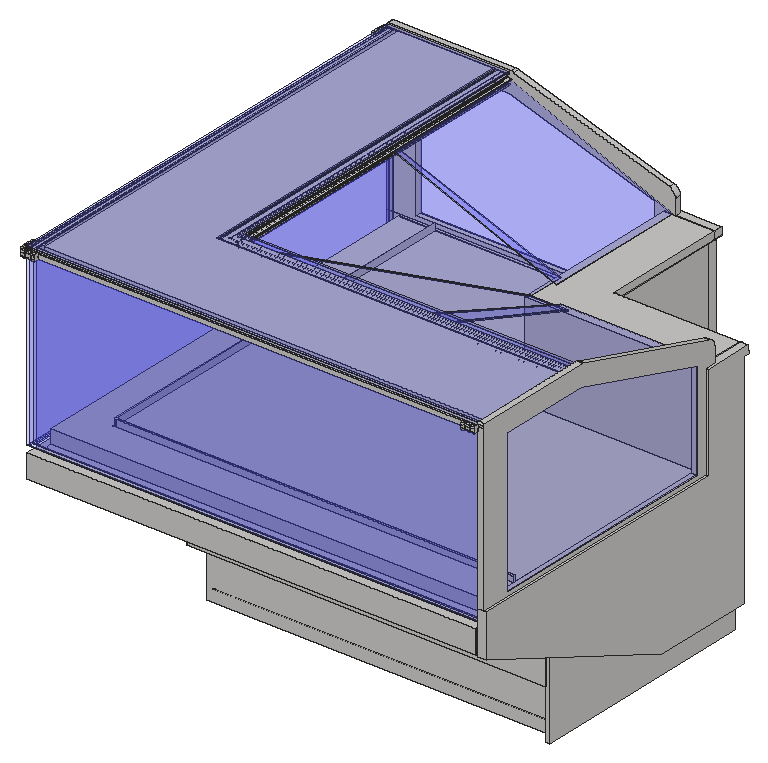
Revit family "QF_OSCARTEK_LA_CROSSE_DPA90_cat", category Specialty Equipment, Revit 2026 (continued)
Automatic sketch dimensions
  Revolve 10 sketch curve to Revolve 10 sketch curve = 0.33473"
  Revolve 10 sketch curve to Revolve 10 sketch curve = 0.09845"
  Revolve 10 sketch curve to Revolve 10 sketch curve = 0.03938"  (x3)
  Revolve 10 sketch curve to Revolve 10 sketch curve = 0.07876"
  level to Revolve 10 sketch curve = 1.91337"
  level to Revolve 10 sketch curve = 1.9685"
  Revolve 10 sketch curve to Revolve 10 sketch curve = 0.0386"
  Revolve 10 sketch curve to Revolve 10 sketch curve = 0.37411"
  Revolve 10 sketch curve to Revolve 10 sketch curve = 53/128"
  Revolve 10 sketch curve to Revolve 10 sketch curve = 0.08213"
  Revolve 10 sketch curve to Revolve 10 sketch curve = 0.11026"
  Revolve 10 sketch curve to Revolve 10 sketch curve = 0.1677"
  Revolve 10 sketch curve to Revolve 10 sketch curve = 0.03156"
  Revolve 10 sketch curve to Revolve 10 sketch curve = 0"  (x2)
  Revolve 10 sketch curve to Revolve 10 sketch curve = 0.04106"
  Revolve 10 sketch curve to Revolve 10 sketch curve = 0.22609"
  Revolve 10 sketch curve to level = 0.9832"
  Revolve 11 sketch curve to level = 0"
  level to Revolve 11 sketch curve = 0.11814"
  Revolve 11 sketch curve to plane 10 = 4.58162"
  level to Revolve 11 sketch curve = 0.22609"
  Revolve 11 sketch curve to Revolve 11 sketch curve = 0.04798"
  Revolve 11 sketch curve to Revolve 11 sketch curve = 0.33473"
  Revolve 11 sketch curve to Revolve 11 sketch curve = 0.09845"
  Revolve 11 sketch curve to Revolve 11 sketch curve = 0.03938"  (x3)
  Revolve 11 sketch curve to Revolve 11 sketch curve = 0.07876"
  Revolve 11 sketch curve to Revolve 11 sketch curve = 0.0386"
  Revolve 11 sketch curve to Revolve 11 sketch curve = 0.37411"
  Revolve 11 sketch curve to Revolve 11 sketch curve = 0.1677"
  Revolve 11 sketch curve to Revolve 11 sketch curve = 0.87375"
  Revolve 11 sketch curve to Revolve 11 sketch curve = 0.11026"
  Revolve 11 sketch curve to Revolve 11 sketch curve = 0.08213"
  Revolve 11 sketch curve to Revolve 11 sketch curve = 53/128"
  Revolve 11 sketch curve to Revolve 11 sketch curve = 0.05513"
  Revolve 11 sketch curve to Revolve 11 sketch curve = 0.03156"
  Revolve 11 sketch curve to Revolve 11 sketch curve = 0"  (x3)
  Revolve 11 sketch curve to Revolve 11 sketch curve = 0.22609"
  Revolve 11 sketch curve to level = 0.9832"
  Extrusion 12 sketch curve to plane 10 = 3.06354"
  Extrusion 12 sketch curve to Extrusion 12 sketch curve = 0.23551"
  Extrusion 12 sketch curve to Extrusion 12 sketch curve = 0.27566"
  level to Extrusion 12 sketch curve = 15.03104"
  Extrusion 12 sketch curve to Extrusion 12 sketch curve = 0.03874"
  level to Extrusion 12 sketch curve = 5.70968"
  Extrusion 17 sketch curve to Extrusion 17 sketch curve = 0"  (x2)
  Extrusion 17 sketch curve to plane 5 "FRONT" = 0"
  plane 5 "FRONT" to Extrusion 17 sketch curve = 0.26581"
  Extrusion 17 sketch curve to Extrusion 17 sketch curve = 0.15451"
  Extrusion 17 sketch curve to Extrusion 17 sketch curve = 0.23957"
  Extrusion 17 sketch curve to Extrusion 17 sketch curve = 0.16053"
  Extrusion 17 sketch curve to plane 6 "TOP" = 1 11/128"
  Extrusion 17 sketch curve to Extrusion 17 sketch curve = 0.33802"
  Extrusion 17 sketch curve to Extrusion 17 sketch curve = 0.20029"
  Extrusion 17 sketch curve to plane 6 "TOP" = 0.25896"
  Extrusion 18 sketch curve to Extrusion 18 sketch curve = 0"  (x2)
  Extrusion 18 sketch curve to plane 5 "FRONT" = 0"
  plane 5 "FRONT" to Extrusion 18 sketch curve = 0.26581"
  Extrusion 18 sketch curve to Extrusion 18 sketch curve = 0.15451"
  Extrusion 18 sketch curve to Extrusion 18 sketch curve = 0.23957"
  Extrusion 18 sketch curve to Extrusion 18 sketch curve = 0.16053"
  Extrusion 18 sketch curve to plane 6 "TOP" = 1 11/128"
  Extrusion 18 sketch curve to Extrusion 18 sketch curve = 0.33802"
  Extrusion 18 sketch curve to Extrusion 18 sketch curve = 0.20029"
  Extrusion 18 sketch curve to plane 6 "TOP" = 0.25896"
  Extrusion 19 sketch curve to Extrusion 19 sketch curve = 0"  (x2)
  Extrusion 19 sketch curve to plane 5 "FRONT" = 0"
  plane 5 "FRONT" to Extrusion 19 sketch curve = 0.26581"
  Extrusion 19 sketch curve to Extrusion 19 sketch curve = 0.15451"
  Extrusion 19 sketch curve to Extrusion 19 sketch curve = 0.23957"
  Extrusion 19 sketch curve to Extrusion 19 sketch curve = 0.16053"
  Extrusion 19 sketch curve to plane 6 "TOP" = 0.25896"
  Extrusion 19 sketch curve to Extrusion 19 sketch curve = 0.2132"
  Extrusion 19 sketch curve to Extrusion 19 sketch curve = 0.20029"
  Extrusion 19 sketch curve to Extrusion 19 sketch curve = 0.33802"
  plane 5 "FRONT" to Extrusion 20 sketch curve = 14.80044"
  Extrusion 20 sketch curve to plane 6 "TOP" = 0.45585"
  plane 5 "FRONT" to Extrusion 20 sketch curve = 1.04131"
  Extrusion 20 sketch curve to Extrusion 20 sketch curve = 0.37898"
  Extrusion 20 sketch curve to plane 5 "FRONT" = 0.18705"
  Extrusion 20 sketch curve to Extrusion 20 sketch curve = 0.10453"
  level to Extrusion 20 sketch curve = 20.41189"
  Extrusion 22 sketch curve to Extrusion 22 sketch curve = 0"  (x3)
  plane 4 "RIGHT" to Extrusion 22 sketch curve = 3.72533"
  Extrusion 22 sketch curve to Extrusion 22 sketch curve = 1.82317"
  Extrusion 22 sketch curve to Extrusion 22 sketch curve = 0.55223"
  Extrusion 22 sketch curve to plane 7 "Center Y" = 11.09931"
  plane 1 "BACK" to Extrusion 22 sketch curve = 6.09688"
  Extrusion 22 sketch curve to plane 8 "Center X" = 11.11471"
  Extrusion 22 sketch curve to Extrusion 22 sketch curve = 3.02494"
  Extrusion 22 sketch curve to Extrusion 22 sketch curve = 0.64943"
  level to Extrusion 23 sketch curve = 3.40609"
  Extrusion 23 sketch curve to plane 7 "Center Y" = 6.38117"
  Sweep 24 sketch curve to plane 9 = 6 5/16"
  Sweep 24 sketch curve to plane 10 = 6.30758"
  plane 1 "BACK" to Sweep 24 sketch curve = 1 3/16"
  plane 4 "RIGHT" to Sweep 24 sketch curve = 1.18698"
  profile plane to Sweep 24 sketch curve = 0.56742"
  Sweep 24 sketch curve to profile plane = 5.51999"
  Sweep 24 sketch curve to Sweep 24 sketch curve = 0.7481"
  Sweep 24 sketch curve to Sweep 24 sketch curve = 0.00822"
  Sweep 24 sketch curve to Sweep 24 sketch curve = 1/32"
  level to Sweep 24 sketch curve = 14.45596"
  Sweep 24 sketch curve to Sweep 24 sketch curve = 0.85654"
  Sweep 24 sketch curve to Sweep 24 sketch curve = 19.00671"
  Sweep 24 sketch curve to Sweep 24 sketch curve = 1.04753"
  Extrusion 25 sketch curve to Extrusion 25 sketch curve = 0"  (x2)
  Extrusion 25 sketch curve to plane 3 "LEFT" = 0"
  Extrusion 25 sketch curve to plane 3 "LEFT" = 0.26581"
  Extrusion 25 sketch curve to Extrusion 25 sketch curve = 0.15451"
  Extrusion 25 sketch curve to Extrusion 25 sketch curve = 0.23957"
  Extrusion 25 sketch curve to Extrusion 25 sketch curve = 0.16053"
  Extrusion 25 sketch curve to plane 6 "TOP" = 1 11/128"
  Extrusion 25 sketch curve to Extrusion 25 sketch curve = 0.33802"
  Extrusion 25 sketch curve to Extrusion 25 sketch curve = 0.20029"
  Extrusion 25 sketch curve to plane 6 "TOP" = 0.25896"
  Extrusion 26 sketch curve to Extrusion 26 sketch curve = 0"  (x2)
  Extrusion 26 sketch curve to plane 3 "LEFT" = 0"
  Extrusion 26 sketch curve to plane 3 "LEFT" = 0.26581"
  Extrusion 26 sketch curve to Extrusion 26 sketch curve = 0.15451"
  Extrusion 26 sketch curve to Extrusion 26 sketch curve = 0.23957"
  Extrusion 26 sketch curve to Extrusion 26 sketch curve = 0.16053"
  Extrusion 26 sketch curve to plane 6 "TOP" = 1 11/128"
  Extrusion 26 sketch curve to Extrusion 26 sketch curve = 0.33802"
  Extrusion 26 sketch curve to Extrusion 26 sketch curve = 0.20029"
  Extrusion 26 sketch curve to plane 6 "TOP" = 0.25896"
  Extrusion 27 sketch curve to Extrusion 27 sketch curve = 0"  (x2)
  Extrusion 27 sketch curve to plane 3 "LEFT" = 0"
  Extrusion 27 sketch curve to plane 3 "LEFT" = 0.26581"
  Extrusion 27 sketch curve to Extrusion 27 sketch curve = 0.15451"
  Extrusion 27 sketch curve to Extrusion 27 sketch curve = 0.23957"
  Extrusion 27 sketch curve to Extrusion 27 sketch curve = 0.16053"
  Extrusion 27 sketch curve to plane 6 "TOP" = 0.25896"
  Extrusion 27 sketch curve to Extrusion 27 sketch curve = 0.2132"
  Extrusion 27 sketch curve to Extrusion 27 sketch curve = 0.20029"
  Extrusion 27 sketch curve to Extrusion 27 sketch curve = 0.33802"
  Extrusion 28 sketch curve to plane 3 "LEFT" = 0"  (x2)
  plane 6 "TOP" to Extrusion 28 sketch curve = 1/8"
  plane 3 "LEFT" to Extrusion 28 sketch curve = 0.2286"
  plane 3 "LEFT" to Extrusion 28 sketch curve = 3.96748"
  Extrusion 28 sketch curve to plane 6 "TOP" = 2.67686"
  Extrusion 28 sketch curve to Extrusion 28 sketch curve = 12.95762"
  Extrusion 28 sketch curve to Extrusion 28 sketch curve = 0.31139"
  plane 6 "TOP" to Extrusion 28 sketch curve = 0.06895"
  Extrusion 28 sketch curve to Extrusion 28 sketch curve = 0.37249"
  plane 7 "Center Y" to Extrusion 28 sketch curve = 4.93795"
  Extrusion 28 sketch curve to Extrusion 28 sketch curve = 0.05794"
  Extrusion 28 sketch curve to Extrusion 28 sketch curve = 0.1969"
  Extrusion 28 sketch curve to Extrusion 28 sketch curve = 1.36515"
  Extrusion 28 sketch curve to Extrusion 28 sketch curve = 1.61544"
  Extrusion 28 sketch curve to Extrusion 28 sketch curve = 0.35608"
  Extrusion 28 sketch curve to Extrusion 28 sketch curve = 1.46032"
  Extrusion 28 sketch curve to plane 6 "TOP" = 6.55012"
  Extrusion 28 sketch curve to Extrusion 28 sketch curve = 1.1501"
  Extrusion 28 sketch curve to Extrusion 28 sketch curve = 2.10591"
  Extrusion 28 sketch curve to Extrusion 28 sketch curve = 12.70296"
  Extrusion 28 sketch curve to Extrusion 28 sketch curve = 0.48497"
  Extrusion 28 sketch curve to Extrusion 28 sketch curve = 0.25381"
  Extrusion 28 sketch curve to Extrusion 28 sketch curve = 0"
  Extrusion 29 sketch curve to plane 9 = 0"
  Extrusion 29 sketch curve to plane 3 "LEFT" = 0"
  Extrusion 29 sketch curve to plane 9 = 1/32"
  Extrusion 29 sketch curve to plane 9 = 0.03949"
  Extrusion 29 sketch curve to Extrusion 29 sketch curve = 0.7481"
  plane 7 "Center Y" to Extrusion 29 sketch curve = 6 1/2"
  Extrusion 29 sketch curve to plane 7 "Center Y" = 1.56451"
  Extrusion 29 sketch curve to plane 6 "TOP" = 9 13/16"
  Extrusion 29 sketch curve to Extrusion 29 sketch curve = 1.04753"
  level to Extrusion 29 sketch curve = 22.24957"
  Extrusion 29 sketch curve to Extrusion 29 sketch curve = 5.95666"
  level to Extrusion 29 sketch curve = 3.62384"
  Extrusion 31 sketch curve to level = 0"
  Extrusion 31 sketch curve to plane 9 = 0.78759"
  plane 7 "Center Y" to Extrusion 31 sketch curve = 6 1/2"
  plane 3 "LEFT" to Extrusion 31 sketch curve = 12.46551"
  plane 3 "LEFT" to Extrusion 31 sketch curve = 2.04143"
  Extrusion 31 sketch curve to Extrusion 31 sketch curve = 0.55396"
  plane 3 "LEFT" to Extrusion 31 sketch curve = 0.20674"
  Extrusion 31 sketch curve to Extrusion 31 sketch curve = 11.10402"
  level to Extrusion 31 sketch curve = 14.45596"
  Extrusion 31 sketch curve to Extrusion 31 sketch curve = 0.85654"
  Extrusion 31 sketch curve to Extrusion 31 sketch curve = 5.10283"
  Extrusion 31 sketch curve to Extrusion 31 sketch curve = 3.29314"
  Extrusion 31 sketch curve to Extrusion 31 sketch curve = 0.95949"
  Extrusion 31 sketch curve to Extrusion 31 sketch curve = 1.79009"
  Sweep 32 sketch curve to plane 9 = 6 5/16"
  Sweep 32 sketch curve to plane 10 = 6.30758"
  plane 4 "RIGHT" to Sweep 32 sketch curve = 1.18698"
  plane 1 "BACK" to Sweep 32 sketch curve = 1 3/16"
  profile plane to Sweep 32 sketch curve = 24.25089"
  Sweep 32 sketch curve to Sweep 32 sketch curve = 0.07876"  (x2)
  Sweep 32 sketch curve to Sweep 32 sketch curve = 0.00984"
  Sweep 32 sketch curve to Sweep 32 sketch curve = 0"  (x7)
  Sweep 32 sketch curve to Sweep 32 sketch curve = 0.01969"  (x2)
  Sweep 32 sketch curve to Sweep 32 sketch curve = 0.0511"
  Sweep 32 sketch curve to Sweep 32 sketch curve = 0.00446"  (x2)
  Sweep 32 sketch curve to Sweep 32 sketch curve = 0.01226"  (x2)
  Sweep 32 sketch curve to Sweep 32 sketch curve = 0.10829"
  Sweep 32 sketch curve to Sweep 32 sketch curve = 0.1076"  (x2)
  Sweep 32 sketch curve to Sweep 32 sketch curve = 0.03913"  (x2)
  Sweep 32 sketch curve to Sweep 32 sketch curve = 0.27566"
  Sweep 32 sketch curve to Sweep 32 sketch curve = 0.09845"
  Sweep 32 sketch curve to Sweep 32 sketch curve = 0.05128"
  Sweep 32 sketch curve to Sweep 32 sketch curve = 0.00287"
  Sweep 32 sketch curve to Sweep 32 sketch curve = 0.07673"
  Sweep 32 sketch curve to Sweep 32 sketch curve = 0.01475"
  Sweep 32 sketch curve to Sweep 32 sketch curve = 0.01717"
  Sweep 32 sketch curve to Sweep 32 sketch curve = 0.00155"
  Sweep 32 sketch curve to Sweep 32 sketch curve = 0.04065"
  Sweep 32 sketch curve to Sweep 32 sketch curve = 0.14769"
  Sweep 32 sketch curve to Sweep 32 sketch curve = 0.00116"
  Sweep 32 sketch curve to Sweep 32 sketch curve = 0.08744"  (x2)
  Sweep 32 sketch curve to Sweep 32 sketch curve = 0.09601"
  Sweep 32 sketch curve to Sweep 32 sketch curve = 0.01229"
  Sweep 32 sketch curve to Sweep 32 sketch curve = 0.07875"
  Sweep 32 sketch curve to Sweep 32 sketch curve = 0.01971"
  Sweep 32 sketch curve to Sweep 32 sketch curve = 0.03938"
  Sweep 32 sketch curve to Sweep 32 sketch curve = 0.1083"  (x2)
  Sweep 32 sketch curve to Sweep 32 sketch curve = 0.00052"
  Sweep 32 sketch curve to Sweep 32 sketch curve = 0.22323"
  Sweep 32 sketch curve to Sweep 32 sketch curve = 0.14442"  (x2)
  Sweep 32 sketch curve to Sweep 32 sketch curve = 0.06225"
  Sweep 32 sketch curve to Sweep 32 sketch curve = 0.00051"
  Sweep 32 sketch curve to Sweep 32 sketch curve = 0.03932"
  level to Sweep 32 sketch curve = 43.61057"
  Sweep 32 sketch curve to Sweep 32 sketch curve = 0.03137"
  Sweep 32 sketch curve to Sweep 32 sketch curve = 0.02767"  (x2)
  Sweep 32 sketch curve to Sweep 32 sketch curve = 0.00184"  (x2)
  Sweep 32 sketch curve to Sweep 32 sketch curve = 0.14191"
  Sweep 32 sketch curve to Sweep 32 sketch curve = 0.08288"
  Sweep 32 sketch curve to Sweep 32 sketch curve = 0.03733"
  Sweep 32 sketch curve to Sweep 32 sketch curve = 0.05907"
  Sweep 32 sketch curve to Sweep 32 sketch curve = 0.02174"
  Sweep 32 sketch curve to Sweep 32 sketch curve = 0.06317"
  Sweep 32 sketch curve to Sweep 32 sketch curve = 0.21779"
  Sweep 32 sketch curve to Sweep 32 sketch curve = 0.00292"
  Sweep 32 sketch curve to Sweep 32 sketch curve = 0.09152"
  Sweep 32 sketch curve to Sweep 32 sketch curve = 0.02067"
  Sweep 32 sketch curve to Sweep 32 sketch curve = 0.08762"
  Sweep 32 sketch curve to Sweep 32 sketch curve = 0.08942"
  Sweep 32 sketch curve to Sweep 32 sketch curve = 0.02201"
  Sweep 32 sketch curve to Sweep 32 sketch curve = 0.14767"
  Sweep 32 sketch curve to Sweep 32 sketch curve = 0.15831"
  Sweep 32 sketch curve to Sweep 32 sketch curve = 0.03912"
  Sweep 32 sketch curve to Sweep 32 sketch curve = 0.04914"
  Sweep 32 sketch curve to Sweep 32 sketch curve = 0.07872"
  Sweep 32 sketch curve to Sweep 32 sketch curve = 0.59085"
  Sweep 32 sketch curve to Sweep 32 sketch curve = 0.39859"
  Sweep 32 sketch curve to Sweep 32 sketch curve = 0.00005"
  Sweep 32 sketch curve to Sweep 32 sketch curve = 0.01974"
  Sweep 32 sketch curve to Sweep 32 sketch curve = 0.15642"
  Sweep 32 sketch curve to Sweep 32 sketch curve = 0.03936"
  Sweep 32 sketch curve to Sweep 32 sketch curve = 0.0394"
  Sweep 32 sketch curve to Sweep 32 sketch curve = 0.0366"  (x2)
  Sweep 33 sketch curve to plane 9 = 6 5/16"
  Sweep 33 sketch curve to plane 10 = 6.30758"
  plane 4 "RIGHT" to Sweep 33 sketch curve = 1.18698"
  plane 1 "BACK" to Sweep 33 sketch curve = 1 3/16"
  Sweep 33 sketch curve to Sweep 33 sketch curve = 0"  (x12)
  profile plane to Sweep 33 sketch curve = 23.278"
  Sweep 33 sketch curve to Sweep 33 sketch curve = 0.17351"  (x2)
  Sweep 33 sketch curve to Sweep 33 sketch curve = 0.00564"  (x2)
  Sweep 33 sketch curve to Sweep 33 sketch curve = 0.0919"  (x2)
  Sweep 33 sketch curve to Sweep 33 sketch curve = 0.03344"
  Sweep 33 sketch curve to Sweep 33 sketch curve = 0.04703"  (x2)
  Sweep 33 sketch curve to Sweep 33 sketch curve = 0.02015"  (x2)
  Sweep 33 sketch curve to Sweep 33 sketch curve = 0.1471"  (x2)
  Sweep 33 sketch curve to Sweep 33 sketch curve = 0.01344"  (x6)
  Sweep 33 sketch curve to Sweep 33 sketch curve = 0.06602"  (x2)
  Sweep 33 sketch curve to Sweep 33 sketch curve = 0.01899"  (x2)
  Sweep 33 sketch curve to Sweep 33 sketch curve = 0.04287"
  Sweep 33 sketch curve to Sweep 33 sketch curve = 0.05374"
  Sweep 33 sketch curve to Sweep 33 sketch curve = 0.064"
  Sweep 33 sketch curve to Sweep 33 sketch curve = 0.04285"
  Sweep 33 sketch curve to Sweep 33 sketch curve = 0.05377"
  Sweep 33 sketch curve to Sweep 33 sketch curve = 0.06402"
  Sweep 33 sketch curve to Sweep 33 sketch curve = 0.42344"
  Sweep 33 sketch curve to Sweep 33 sketch curve = 0.01268"
  Sweep 33 sketch curve to Sweep 33 sketch curve = 0.02748"
  Sweep 33 sketch curve to Sweep 33 sketch curve = 0.02627"
  Sweep 33 sketch curve to Sweep 33 sketch curve = 0.01075"
  Sweep 33 sketch curve to Sweep 33 sketch curve = 0.24735"
  Sweep 33 sketch curve to Sweep 33 sketch curve = 0.01231"
  Sweep 33 sketch curve to Sweep 33 sketch curve = 0.0314"
  Sweep 33 sketch curve to Sweep 33 sketch curve = 0.02237"
  Sweep 33 sketch curve to Sweep 33 sketch curve = 0.03702"  (x3)
  level to Sweep 33 sketch curve = 43.43961"
  Sweep 33 sketch curve to Sweep 33 sketch curve = 0.03493"
  Sweep 33 sketch curve to Sweep 33 sketch curve = 0.08001"
  Sweep 33 sketch curve to Sweep 33 sketch curve = 0.00358"
  Sweep 33 sketch curve to Sweep 33 sketch curve = 0.0771"
  Sweep 33 sketch curve to Sweep 33 sketch curve = 0.03601"  (x2)
  Sweep 33 sketch curve to Sweep 33 sketch curve = 0.04678"
  Sweep 33 sketch curve to Sweep 33 sketch curve = 0.118"  (x2)
  Sweep 33 sketch curve to Sweep 33 sketch curve = 0.03531"  (x2)
  Sweep 33 sketch curve to Sweep 33 sketch curve = 0.0366"
  Sweep 33 sketch curve to Sweep 33 sketch curve = 0.12956"  (x2)
  Sweep 33 sketch curve to Sweep 33 sketch curve = 0.05552"  (x2)
  Sweep 33 sketch curve to Sweep 33 sketch curve = 0.39187"
  Sweep 33 sketch curve to Sweep 33 sketch curve = 0.0339"
  Sweep 33 sketch curve to Sweep 33 sketch curve = 0.43663"
  Sweep 33 sketch curve to Sweep 33 sketch curve = 0.14813"
  Sweep 33 sketch curve to Sweep 33 sketch curve = 0.04036"
  Sweep 33 sketch curve to Sweep 33 sketch curve = 0.07644"
  Sweep 33 sketch curve to Sweep 33 sketch curve = 0.32632"
  Sweep 33 sketch curve to Sweep 33 sketch curve = 0.00352"
  Sweep 33 sketch curve to Sweep 33 sketch curve = 0.04685"
  Sweep 33 sketch curve to Sweep 33 sketch curve = 0.10129"
  Sweep 33 sketch curve to Sweep 33 sketch curve = 0.03659"
  Sweep 34 sketch curve to plane 9 = 6 5/16"
  Sweep 34 sketch curve to plane 10 = 6.30758"
  plane 4 "RIGHT" to Sweep 34 sketch curve = 1.18698"
  plane 1 "BACK" to Sweep 34 sketch curve = 1 3/16"
  profile plane to Sweep 34 sketch curve = 38.93944"
  Sweep 34 sketch curve to Sweep 34 sketch curve = 16.93317"
  level to Sweep 34 sketch curve = 44.89259"
  Sweep 34 sketch curve to Sweep 34 sketch curve = 0.35741"
  Sweep 35 sketch curve to plane 9 = 6 5/16"
  Sweep 35 sketch curve to plane 10 = 6.30758"
  plane 4 "RIGHT" to Sweep 35 sketch curve = 1.18698"
  plane 1 "BACK" to Sweep 35 sketch curve = 1 3/16"
  profile plane to Sweep 35 sketch curve = 37.4824"
  Sweep 35 sketch curve to Sweep 35 sketch curve = 1.02387"
  Sweep 35 sketch curve to Sweep 35 sketch curve = 1.18138"
  Sweep 35 sketch curve to Sweep 35 sketch curve = 10.3393"
  Sweep 35 sketch curve to Sweep 35 sketch curve = 0.68695"  (x2)
  level to Sweep 35 sketch curve = 42.92362"
  Sweep 35 sketch curve to Sweep 35 sketch curve = 0.41348"
  Sweep 35 sketch curve to Sweep 35 sketch curve = 0.92542"
  Sweep 35 sketch curve to Sweep 35 sketch curve = 0.63007"
  Sweep 36 sketch curve to plane 9 = 6.30758"
  Sweep 36 sketch curve to plane 10 = 6.30758"
  plane 4 "RIGHT" to Sweep 36 sketch curve = 1.18206"
  plane 1 "BACK" to Sweep 36 sketch curve = 1 3/16"
  profile plane to Sweep 36 sketch curve = 39.06742"
  Sweep 36 sketch curve to Sweep 36 sketch curve = 0.03544"
  Sweep 36 sketch curve to Sweep 36 sketch curve = 0.18705"
  Sweep 36 sketch curve to Sweep 36 sketch curve = 0.78321"
  Sweep 36 sketch curve to Sweep 36 sketch curve = 0.00044"
  Sweep 36 sketch curve to Sweep 36 sketch curve = 0.00438"
  Sweep 36 sketch curve to Sweep 36 sketch curve = 0.0315"
  level to Sweep 36 sketch curve = 44.24283"
  Sweep 36 sketch curve to Sweep 36 sketch curve = 0"
  Sweep 36 sketch curve to Sweep 36 sketch curve = 0.54299"
  Sweep 36 sketch curve to Sweep 36 sketch curve = 0.54344"
  Sweep 36 sketch curve to Sweep 36 sketch curve = 0.00832"
  Sweep 37 sketch curve to plane 9 = 6 5/16"
  Sweep 37 sketch curve to plane 10 = 6.30758"
  plane 4 "RIGHT" to Sweep 37 sketch curve = 1.18698"
  plane 1 "BACK" to Sweep 37 sketch curve = 1 3/16"
  profile plane to Sweep 37 sketch curve = 38.88037"
  Sweep 37 sketch curve to Sweep 37 sketch curve = 0.23628"  (x2)
  Sweep 37 sketch curve to Sweep 37 sketch curve = 0.31504"
  level to Sweep 37 sketch curve = 20.37887"
  Sweep 37 sketch curve to Sweep 37 sketch curve = 0"  (x2)
  Sweep 37 sketch curve to Sweep 37 sketch curve = 24.41527"
  Sweep 38 sketch curve to plane 9 = 6 5/16"
  Sweep 38 sketch curve to plane 10 = 6.30758"
  plane 4 "RIGHT" to Sweep 38 sketch curve = 1.68698"
  plane 1 "BACK" to Sweep 38 sketch curve = 1.68698"
  level to Sweep 38 sketch curve = 11.0783"
  profile plane to Sweep 38 sketch curve = 24.60531"
  Sweep 38 sketch curve to Sweep 38 sketch curve = 1.57518"
  Sweep 38 sketch curve to profile plane = 1.91301"
  Sweep 38 sketch curve to Sweep 38 sketch curve = 0.11814"
  Sweep 38 sketch curve to profile plane = 3.24404"
  level to Sweep 38 sketch curve = 2.08664"  (x2)
  Sweep 38 sketch curve to Sweep 38 sketch curve = 0.66945"
  Sweep 38 sketch curve to Sweep 38 sketch curve = 12.90563"
  Sweep 39 sketch curve to plane 9 = 6 5/16"
  Sweep 39 sketch curve to plane 10 = 6.30758"
  plane 4 "RIGHT" to Sweep 39 sketch curve = 1.68698"
  plane 1 "BACK" to Sweep 39 sketch curve = 1.68698"
  level to Sweep 39 sketch curve = 16.20686"
  profile plane to Sweep 39 sketch curve = 38.86068"
  Sweep 39 sketch curve to Sweep 39 sketch curve = 1.28073"
  Sweep 39 sketch curve to Sweep 39 sketch curve = 0.55396"
  level to Sweep 39 sketch curve = 14.69324"
  Sweep 39 sketch curve to Sweep 39 sketch curve = 3.70795"
  level to Sweep 39 sketch curve = 15 101/256"
  Sweep 39 sketch curve to Sweep 39 sketch curve = 0.29193"
  Sweep 39 sketch curve to Sweep 39 sketch curve = 4.77107"
  Sweep 39 sketch curve to Sweep 39 sketch curve = 1/8"
  Sweep 39 sketch curve to Sweep 39 sketch curve = 1/16"
  Sweep 39 sketch curve to Sweep 39 sketch curve = 8.55081"
  level to Sweep 39 sketch curve = 11.12088"
  Sweep 39 sketch curve to Sweep 39 sketch curve = 1/32"
  Sweep 39 sketch curve to Sweep 39 sketch curve = 0.52754"
  Sweep 39 sketch curve to Sweep 39 sketch curve = 0.0319"
  level to Sweep 39 sketch curve = 11.06562"
  Sweep 39 sketch curve to Sweep 39 sketch curve = 1.90819"
  profile plane to Sweep 39 sketch curve = 0.56742"
  Sweep 39 sketch curve to Sweep 39 sketch curve = 3.78958"
  Sweep 39 sketch curve to Sweep 39 sketch curve = 0.36623"
  Sweep 39 sketch curve to Sweep 39 sketch curve = 0.02757"
  Sweep 39 sketch curve to Sweep 39 sketch curve = 0.01685"
  level to Sweep 39 sketch curve = 14.45596"
  Sweep 39 sketch curve to Sweep 39 sketch curve = 3.29314"
  Sweep 39 sketch curve to Sweep 39 sketch curve = 0.95949"
  Sweep 39 sketch curve to Sweep 39 sketch curve = 1.04009"
  Sweep 39 sketch curve to Sweep 39 sketch curve = 3/4"
  Sweep 39 sketch curve to Sweep 39 sketch curve = 0"
  Sweep 39 sketch curve to Sweep 39 sketch curve = 7.79361"
  Sweep 39 sketch curve to Sweep 39 sketch curve = 7/8"
  Sweep 40 sketch curve to plane 9 = 6 5/16"
  Sweep 40 sketch curve to plane 10 = 6.30758"
  plane 4 "RIGHT" to Sweep 40 sketch curve = 1.68698"
  plane 1 "BACK" to Sweep 40 sketch curve = 1.68698"
  Sweep 40 sketch curve to Sweep 40 sketch curve = 0"  (x18)
  level to Sweep 40 sketch curve = 1.41719"
  profile plane to Sweep 40 sketch curve = 24.60531"
  Sweep 40 sketch curve to Sweep 40 sketch curve = 0.07876"  (x2)
  Sweep 40 sketch curve to Sweep 40 sketch curve = 0.03938"  (x6)
  Sweep 40 sketch curve to Sweep 40 sketch curve = 1.3389"  (x2)
  Sweep 40 sketch curve to profile plane = 1.91301"
  level to Sweep 40 sketch curve = 1.29905"
  Sweep 40 sketch curve to Sweep 40 sketch curve = 0.55131"  (x2)
  Sweep 41 sketch curve to plane 9 = 6 5/16"
  Sweep 41 sketch curve to plane 10 = 6.30758"
  plane 4 "RIGHT" to Sweep 41 sketch curve = 1.68698"
  plane 1 "BACK" to Sweep 41 sketch curve = 1.68698"
  Sweep 41 sketch curve to profile plane = 3.24404"
  Sweep 41 sketch curve to Sweep 41 sketch curve = 0.12601"
  Sweep 41 sketch curve to Sweep 41 sketch curve = 0.23551"
  Sweep 41 sketch curve to Sweep 41 sketch curve = 0.11814"
  Sweep 41 sketch curve to Sweep 41 sketch curve = 0.04015"
  level to Sweep 41 sketch curve = 1.41655"
  Sweep 41 sketch curve to Sweep 41 sketch curve = 0.55195"
  Sweep 41 sketch curve to Sweep 41 sketch curve = 3.54275"
  Sweep 42 sketch curve to plane 9 = 6 5/16"
  Sweep 42 sketch curve to plane 10 = 6.30758"
  plane 4 "RIGHT" to Sweep 42 sketch curve = 1.68698"
  plane 1 "BACK" to Sweep 42 sketch curve = 1.68698"
  Sweep 42 sketch curve to profile plane = 3.24404"
  Sweep 42 sketch curve to Sweep 42 sketch curve = 0.23551"
  Sweep 42 sketch curve to Sweep 42 sketch curve = 0.04015"
  level to Sweep 42 sketch curve = 5.66953"
  Sweep 42 sketch curve to Sweep 42 sketch curve = 9.28257"
  Sweep 42 sketch curve to Sweep 42 sketch curve = 0.03879"
  Sweep 43 sketch curve to plane 9 = 6 5/16"
  Sweep 43 sketch curve to plane 10 = 6.30758"
  Sweep 43 sketch curve to plane 9 = 1.18545"
  Sweep 43 sketch curve to plane 10 = 1.18053"
  Sweep 43 sketch curve to profile plane = 0"
  profile plane to Sweep 43 sketch curve = 0.05374"
  profile plane to Sweep 43 sketch curve = 22.63119"
  Sweep 43 sketch curve to Sweep 43 sketch curve = 0.05374"
  level to Sweep 43 sketch curve = 35.44153"
  Sweep 43 sketch curve to Sweep 43 sketch curve = 0.14807"  (x2)
  Sweep 43 sketch curve to Sweep 43 sketch curve = 8.21454"
  Extrusion 44 sketch curve to plane 6 "TOP" = 0.92928"
  Extrusion 44 sketch curve to plane 7 "Center Y" = 15.31796"
  Extrusion 44 sketch curve to plane 6 "TOP" = 0.78115"
  Extrusion 44 sketch curve to Extrusion 44 sketch curve = 0.05377"
  Extrusion 44 sketch curve to plane 9 = 5.77878"
  Extrusion 44 sketch curve to Extrusion 44 sketch curve = 0.05686"
  Extrusion 44 sketch curve to plane 6 "TOP" = 9.66154"
  Extrusion 44 sketch curve to Extrusion 44 sketch curve = 0.14694"
  Extrusion 45 sketch curve to Extrusion 45 sketch curve = 0"  (x2)
  Extrusion 45 sketch curve to plane 3 "LEFT" = 0"
  Extrusion 45 sketch curve to plane 3 "LEFT" = 0.26581"
  Extrusion 45 sketch curve to Extrusion 45 sketch curve = 0.15451"
  Extrusion 45 sketch curve to Extrusion 45 sketch curve = 0.23957"
  Extrusion 45 sketch curve to Extrusion 45 sketch curve = 0.16053"
  Extrusion 45 sketch curve to plane 6 "TOP" = 0.25896"
  Extrusion 45 sketch curve to Extrusion 45 sketch curve = 0.2132"
  Extrusion 45 sketch curve to Extrusion 45 sketch curve = 0.20029"
  Extrusion 45 sketch curve to Extrusion 45 sketch curve = 0.33802"
  Extrusion 46 sketch curve to Extrusion 46 sketch curve = 0"  (x2)
  Extrusion 46 sketch curve to plane 3 "LEFT" = 0"
  Extrusion 46 sketch curve to plane 3 "LEFT" = 0.26581"
  Extrusion 46 sketch curve to Extrusion 46 sketch curve = 0.15451"
  Extrusion 46 sketch curve to Extrusion 46 sketch curve = 0.23957"
  Extrusion 46 sketch curve to Extrusion 46 sketch curve = 0.16053"
  Extrusion 46 sketch curve to plane 6 "TOP" = 0.25896"
  Extrusion 46 sketch curve to Extrusion 46 sketch curve = 0.2132"
  Extrusion 46 sketch curve to Extrusion 46 sketch curve = 0.20029"
  Extrusion 46 sketch curve to Extrusion 46 sketch curve = 0.33802"
  Extrusion 47 sketch curve to Extrusion 47 sketch curve = 0"  (x2)
  Extrusion 47 sketch curve to plane 3 "LEFT" = 0"
  Extrusion 47 sketch curve to plane 3 "LEFT" = 0.26581"
  Extrusion 47 sketch curve to Extrusion 47 sketch curve = 0.15451"
  Extrusion 47 sketch curve to Extrusion 47 sketch curve = 0.23957"
  Extrusion 47 sketch curve to Extrusion 47 sketch curve = 0.16053"
  Extrusion 47 sketch curve to plane 6 "TOP" = 1 11/128"
  Extrusion 47 sketch curve to Extrusion 47 sketch curve = 0.33802"
  Extrusion 47 sketch curve to Extrusion 47 sketch curve = 0.20029"
  Extrusion 47 sketch curve to plane 6 "TOP" = 0.25896"
  Extrusion 48 sketch curve to plane 3 "LEFT" = 0"
  Extrusion 48 sketch curve to plane 3 "LEFT" = 0.84938"
  Extrusion 48 sketch curve to Extrusion 48 sketch curve = 0.37898"
  Extrusion 48 sketch curve to plane 3 "LEFT" = 14.98749"
  level to Extrusion 48 sketch curve = 20.41189"
  Extrusion 48 sketch curve to plane 6 "TOP" = 0.56038"
  Extrusion 48 sketch curve to Extrusion 48 sketch curve = 0.10453"
  Sweep 41 to Extrusion 49 sketch curve = 2.08634"
  Sweep 41 to Extrusion 49 sketch curve = 9.86295"
  Sweep 50 sketch curve to plane 9 = 6 5/16"
  Sweep 50 sketch curve to plane 10 = 6.30758"
  plane 4 "RIGHT" to Sweep 50 sketch curve = 1.68698"
  plane 1 "BACK" to Sweep 50 sketch curve = 1.68698"
  Sweep 50 sketch curve to level = 0"
  level to Sweep 50 sketch curve = 6.81218"
  profile plane to Sweep 50 sketch curve = 24.9991"
  Sweep 50 sketch curve to Sweep 50 sketch curve = 0.3938"
  Revolve 51 sketch curve to level = 0"
  level to Revolve 51 sketch curve = 0.11814"
  plane 3 "LEFT" to Revolve 51 sketch curve = 14.27014"
  level to Revolve 51 sketch curve = 0.22609"
  Revolve 51 sketch curve to Revolve 51 sketch curve = 0.04798"
  Revolve 51 sketch curve to Revolve 51 sketch curve = 0.33473"
  Revolve 51 sketch curve to Revolve 51 sketch curve = 0.09845"
  Revolve 51 sketch curve to Revolve 51 sketch curve = 0.03938"  (x3)
  Revolve 51 sketch curve to Revolve 51 sketch curve = 0.07876"
  level to Revolve 51 sketch curve = 1.91337"
  level to Revolve 51 sketch curve = 1.9685"
  Revolve 51 sketch curve to Revolve 51 sketch curve = 0.0386"
  Revolve 51 sketch curve to Revolve 51 sketch curve = 0.37411"
  Revolve 51 sketch curve to Revolve 51 sketch curve = 0.1677"
  Revolve 51 sketch curve to Revolve 51 sketch curve = 0.64582"
  Revolve 51 sketch curve to Revolve 51 sketch curve = 0.11026"
  Revolve 51 sketch curve to Revolve 51 sketch curve = 0.08213"
  Revolve 51 sketch curve to Revolve 51 sketch curve = 0.03156"
  Revolve 51 sketch curve to Revolve 51 sketch curve = 0"  (x3)
  Revolve 51 sketch curve to level = 0.9832"
  Revolve 51 sketch curve to Revolve 51 sketch curve = 0.22609"
  Revolve 52 sketch curve to level = 0"
  level to Revolve 52 sketch curve = 0.11814"
  Revolve 52 sketch curve to plane 9 = 4.58654"
  level to Revolve 52 sketch curve = 0.22609"
  Revolve 52 sketch curve to Revolve 52 sketch curve = 0.04798"
  Revolve 52 sketch curve to Revolve 52 sketch curve = 0.33473"
  Revolve 52 sketch curve to Revolve 52 sketch curve = 0.09845"
  Revolve 52 sketch curve to Revolve 52 sketch curve = 0.03938"  (x3)
  Revolve 52 sketch curve to Revolve 52 sketch curve = 0.07876"
  Revolve 52 sketch curve to Revolve 52 sketch curve = 0.0386"
  Revolve 52 sketch curve to Revolve 52 sketch curve = 0.37411"
  Revolve 52 sketch curve to Revolve 52 sketch curve = 0.1677"
  Revolve 52 sketch curve to Revolve 52 sketch curve = 0.87375"
  Revolve 52 sketch curve to Revolve 52 sketch curve = 0.11026"
  Revolve 52 sketch curve to Revolve 52 sketch curve = 0.08213"
  Revolve 52 sketch curve to Revolve 52 sketch curve = 53/128"
  Revolve 52 sketch curve to Revolve 52 sketch curve = 0.05513"
  Revolve 52 sketch curve to Revolve 52 sketch curve = 0.03156"
  Revolve 52 sketch curve to Revolve 52 sketch curve = 0"  (x3)
  Revolve 52 sketch curve to level = 0.9832"
  Revolve 52 sketch curve to Revolve 52 sketch curve = 0.22609"
  Revolve 53 sketch curve to level = 0"
  level to Revolve 53 sketch curve = 0.11814"
  plane 3 "LEFT" to Revolve 53 sketch curve = 14.27014"
  level to Revolve 53 sketch curve = 0.22609"
  Revolve 53 sketch curve to Revolve 53 sketch curve = 0.04798"
  Revolve 53 sketch curve to Revolve 53 sketch curve = 0.33473"
  Revolve 53 sketch curve to Revolve 53 sketch curve = 0.09845"
  Revolve 53 sketch curve to Revolve 53 sketch curve = 0.03938"  (x3)
  Revolve 53 sketch curve to Revolve 53 sketch curve = 0.07876"
  level to Revolve 53 sketch curve = 1.91337"
  level to Revolve 53 sketch curve = 1.9685"
  Revolve 53 sketch curve to Revolve 53 sketch curve = 0.0386"
  Revolve 53 sketch curve to Revolve 53 sketch curve = 0.37411"
  Revolve 53 sketch curve to Revolve 53 sketch curve = 53/128"
  Revolve 53 sketch curve to Revolve 53 sketch curve = 0.08213"
  Revolve 53 sketch curve to Revolve 53 sketch curve = 0.11026"
  Revolve 53 sketch curve to Revolve 53 sketch curve = 0.1677"
  Revolve 53 sketch curve to Revolve 53 sketch curve = 0.03156"
  Revolve 53 sketch curve to Revolve 53 sketch curve = 0"  (x2)
  Revolve 53 sketch curve to Revolve 53 sketch curve = 0.04106"
  Revolve 53 sketch curve to Revolve 53 sketch curve = 0.22609"
  Revolve 53 sketch curve to level = 0.9832"
  Extrusion 7 sketch curve to Extrusion 5 = 0"  (x4)
  Extrusion 5 to Extrusion 7 sketch curve = 0.13896"
  Extrusion 21 sketch curve to Extrusion 6 = 0"  (x3)
  Extrusion 6 to Extrusion 21 sketch curve = 0"  (x2)
  Extrusion 6 to Extrusion 21 sketch curve = 3.62384"
  Extrusion 21 sketch curve to Extrusion 6 = 12.46551"
  Extrusion 21 sketch curve to Extrusion 6 = 2.04143"
  Extrusion 21 sketch curve to Extrusion 21 sketch curve = 0.55396"
  Extrusion 21 sketch curve to Extrusion 6 = 0.20674"
  Extrusion 21 sketch curve to Extrusion 6 = 7.79361"
  Extrusion 21 sketch curve to Extrusion 21 sketch curve = 0.85654"
  Extrusion 21 sketch curve to Extrusion 6 = 2.74957"
  Extrusion 21 sketch curve to Extrusion 21 sketch curve = 0.95949"
  Extrusion 30 sketch curve to Extrusion 28 = 0"  (x3)
  Extrusion 28 to Extrusion 30 sketch curve = 0"
  Extrusion 28 to Extrusion 30 sketch curve = 0.13896"
  curve 57 to plane 3 "LEFT" = 0"
  plane 5 "FRONT" to curve 38 = 0"
  curve 24 to plane 9 = 0"
  curve 5 to plane 10 = 0"
  plane 1 "BACK" to curve 23 = 0"
  curve 56 to curve 56 = 0.58577"
  curve 46 to plane 5 "FRONT" = 0.00492"
  curve 46 to plane 3 "LEFT" = 0.58577"
  curve 58 to curve 58 = 0.58577"
  curve 54 to curve 51 = 0.58577"
  curve 59 to curve 58 = 0"
  curve 53 to curve 50 = 0"
  plane 1 "BACK" to curve 67 = 1.18698"
  curve 67 to curve 60 = 24.5562"
  plane 3 "LEFT" to curve 38 = 0.54028"
  curve 38 to curve 39 = 0.04002"
  curve 39 to curve 40 = 0.72038"
  curve 40 to curve 45 = 0.04002"
  curve 41 to curve 45 = 0.54028"
  curve 9 to plane 7 "Center Y" = 14.94376"
  curve 9 to curve 12 = 0.19043"  (x2)
  curve 19 to plane 9 = 6 5/16"
  curve 18 to curve 14 = 0.59058"
  plane 1 "BACK" to curve 6 = 3/8"
  curve 13 to curve 6 = 0.30724"
  curve 16 to plane 9 = 2.74948"
  plane 5 "FRONT" to curve 28 = 0.58085"
  plane 4 "RIGHT" to curve 28 = 3.06797"
  curve 28 to curve 34 = 0.54028"
  curve 29 to curve 30 = 0.04002"
  curve 30 to curve 35 = 0.72038"
  curve 31 to curve 32 = 0.04002"
  plane 4 "RIGHT" to curve 5 = 1.18698"
  plane 4 "RIGHT" to curve 65 = 1.18698"
  curve 32 to curve 36 = 0.54028"
  plane 4 "RIGHT" to curve 3 = 3/8"
  plane 4 "RIGHT" to curve 26 = 0.00492"
  curve 31 to curve 31 = 0.58085"
  curve 31 to curve 33 = 0"
  plane 5 "FRONT" to curve 65 = 24.95491"
  plane 5 "FRONT" to curve 45 = 0.58085"
  curve 44 to curve 41 = 0"
  curve 43 to curve 39 = 0"
  curve 26 to plane 5 "FRONT" = 0.00492"
  curve 46 to curve 47 = 0.54028"
  curve 47 to curve 53 = 0.04002"
  curve 48 to curve 53 = 0.72038"
  curve 49 to curve 54 = 0.04002"
  curve 50 to curve 54 = 0.54028"
  curve 10 to plane 8 "Center X" = 14.93884"
  curve 17 to plane 10 = 6.30758"
  curve 19 to curve 15 = 0.59058"
  curve 15 to curve 3 = 0.30232"
  curve 14 to plane 10 = 2.74456"
  plane 10 to curve 26 = 0.00492"
  curve 61 to curve 67 = 1.88154"
  curve 55 to curve 56 = 0.54028"
  curve 56 to curve 57 = 0.04002"
  curve 57 to curve 62 = 0.72038"
  curve 58 to curve 59 = 0.04002"
  curve 8 to curve 23 = 1.18698"
  curve 59 to curve 60 = 0.54084"
  curve 46 to plane 3 "LEFT" = 0.00492"
  curve 27 to curve 5 = 0.00492"
  curve 25 to curve 2 = 0.00492"
  curve 16 to plane 8 "Center X" = 15.31304"
  radius of Extrusion 2 sketch curve = 0.13783"
  radius of Extrusion 3 sketch curve = 0.13783"
  radius of Extrusion 4 sketch curve = 0.13783"
  radius of Extrusion 14 sketch curve = 0.13783"
  radius of Extrusion 15 sketch curve = 0.13783"
  radius of Extrusion 16 sketch curve = 0.13783"
  radius of Extrusion 17 sketch curve = 0.13783"
  radius of Extrusion 18 sketch curve = 0.13783"
  radius of Extrusion 19 sketch curve = 0.13783"
  radius of Extrusion 22 sketch curve = 0.68836"
  radius of Extrusion 22 sketch curve = 0.59912"
  radius of Extrusion 22 sketch curve = 0.64902"
  radius of Extrusion 23 sketch curve = 1/4"
  radius of Extrusion 25 sketch curve = 0.13783"
  radius of Extrusion 26 sketch curve = 0.13783"
  radius of Extrusion 27 sketch curve = 0.13783"
  radius of Extrusion 45 sketch curve = 0.13783"
  radius of Extrusion 46 sketch curve = 0.13783"
  radius of Extrusion 47 sketch curve = 0.13783"
  radius of Extrusion 49 sketch curve = 1/2"
  radius of Extrusion 7 sketch curve to Extrusion 5 = 0"
  radius of Extrusion 30 sketch curve to Extrusion 28 = 0"
Connectors
  piping at (1470.642, -1095.114, 29.821), diameter 6.35, driven by "Indirect Waste Flow", driven by "Indirect Waste Size"
    settings: on Extrusion 22, index 10, connector inside diameter 24", connector length 0", flow factor 0, pipe flow 0 GPM, pressure drop 0.00 psi, fitting loss kfactor 0, connector angle 0.00°, fixture units 0, engagement length 0", angle of deflection 0.00°, flow configuration 1, flow direction 2, fitting loss method 0, system type 16, joint type 0, gender type 0, connector reference index -1, connector utility 0, adjustable connector no, is connector primary yes, connector description "DRAIN"
  electrical at (1084.763, -293.368, 89.993), driven by "Volts", driven by "Watts"
    settings: on Extrusion 49, index 11, voltage 208 V, apparent load 1050 VA, apparent load phase1 0 VA, apparent load phase2 0 VA, apparent load phase3 0 VA, power factor 1, load classification "Other", number of poles 1, system type 30, power factor state 1, is connector primary yes, connector utility no, sub classification motor no, connector description "ELECTRICAL CONNECTION"
  piping at (530.878, -154.861, 29.821), diameter 6.35, driven by "Indirect Waste Flow", driven by "Indirect Waste Size"
    settings: on Extrusion 22, index 12, connector inside diameter 24", connector length 0", flow factor 0, pipe flow 0 GPM, pressure drop 0.00 psi, fitting loss kfactor 0, connector angle 0.00°, fixture units 0, engagement length 0", angle of deflection 0.00°, flow configuration 1, flow direction 2, fitting loss method 0, system type 16, joint type 0, gender type 0, connector reference index -1, connector utility 0, adjustable connector no, is connector primary no, connector description "DRAIN"
  piping at (1484.668, -1171.947, 29.821), diameter 9.525
    settings: on Extrusion 22, index 13, connector inside diameter 24", connector length 0", flow factor 0, pipe flow 0 GPM, pressure drop 0.00 psi, fitting loss kfactor 0, connector angle 0.00°, fixture units 0, engagement length 0", angle of deflection 0.00°, flow configuration 1, flow direction 1, fitting loss method 0, system type 7, joint type 0, gender type 0, connector reference index -1, connector utility 0, adjustable connector no, is connector primary no, connector description "LIQUID LINE"
  piping at (1530.977, -1171.947, 29.821), diameter 15.875
    settings: on Extrusion 22, index 14, connector inside diameter 24", connector length 0", flow factor 0, pipe flow 0 GPM, pressure drop 0.00 psi, fitting loss kfactor 0, connector angle 0.00°, fixture units 0, engagement length 0", angle of deflection 0.00°, flow configuration 1, flow direction 1, fitting loss method 0, system type 7, joint type 0, gender type 0, connector reference index -1, connector utility 0, adjustable connector no, is connector primary no, connector description "SUCTION LINE"
